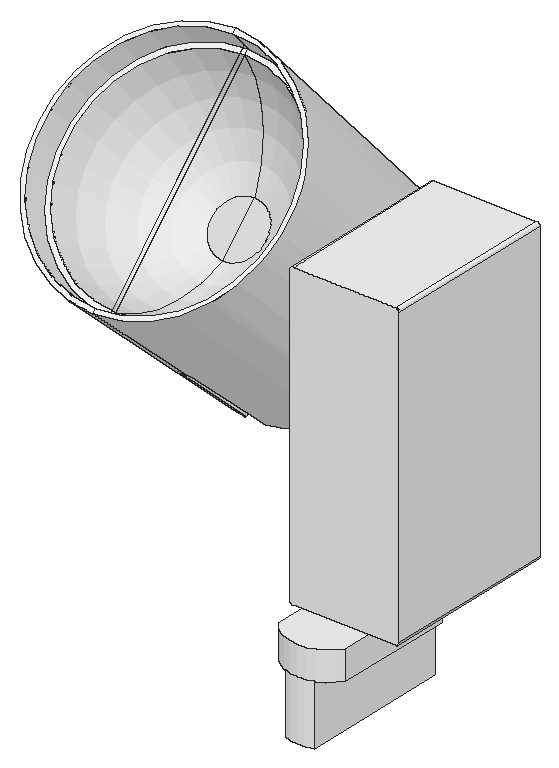
Revit family "0004927 Feilo Sylvania Lighting Fixture START TRACK SPOT L DALI 3306LM 930 MB WHT", category Lighting Fixtures, host Face, Revit 2017 (continued)
Definition of nested family "Start Track Spot Head"
  Types (96, lengths in mm): name | Wattage | built-in parameter 1150134 | Photometric Web File | Model | built-in parameter 1150105 | Lumens | built-in parameter 1150107 | built-in parameter 1150106 | HeadThickness_FEILO | HeadRibOffset_FEILO | HeadRibDepth_FEILO | HeadRibCutWidth_FEILO | HeadRibCutOffset_FEILO | HeadReflectorRadius_FEILO | HeadReflectorOffset_FEILO | HeadLEDRadius_FEILO | HeadHeight_FEILO | HeadDiffusorOffset_FEILO | HeadDiaOut_FEILO | HeadDiaIn_FEILO | HeadAxisFromTop_FEILO | Emit from Circle Diameter | built-in parameter 1150104 | Description | Apparent Load
    0004812 START TRACK SPOT S 14W 3K RA80 MB WHITE | 14 W | (empty or 0) | "0004812.ies" | "START TRACK SPOT S 14W 3K RA80 MB WHITE" | 120.32 (stored number, unit not read) | 1512 lm | 3000 (stored number, unit not read) | 1.2032 (stored number, unit not read) | 1.5 | 4.179 | 55.714 | 7.167 | 50.87 | 50.588 | 55.714 | 9.556 | 117 | 9.435 | 86 | 77.477 | 69.354 | 77.477 | 10.034 (stored number, unit not read) | "Integrated LED spotlight, Textured White - RAL9016, compact and minimalist design, ideal for retail applications, die-cast aluminium body, passive cooling heatsink. Beam angle: 36°, color temperature: 3000K , total system power: 14W, total fixture output: 1508 lm, LOR: 100%, colour rendering: Ra: 80 typical, LED Chromaticity: 3 step MacAdam ellipse, lifetime: >50000 hours at L70B50, energy class: A++, A+, A, IR/UV free light source without heat radiation, operating voltage: 220-240V / 50-60Hz, drive current: 350mA, electronic driver, non-dimmable, power factor: 0.92, electrical protection: Class II, Global Track 3 Phase adapter suitable for Global trac 3-circuit tracks, ingress protection rating: IP20, suitable for internal environment only, horizontal rotation: 355°, vertical tilt: 90°, dimensions: Ø86x140x200, weight: 0.940kg." | 14 VA
    0004811 START TRACK SPOT S 14W 3K RA80 NB WHITE | 14 W | (empty or 0) | "0004811.ies" | "START TRACK SPOT S 14W 3K RA80 NB WHITE" | 123.66 (stored number, unit not read) | 1554 lm | 3000 (stored number, unit not read) | 1.2366 (stored number, unit not read) | 1.5 | 4.179 | 55.714 | 7.167 | 50.87 | 50.588 | 55.714 | 9.556 | 117 | 9.435 | 86 | 77.477 | 69.354 | 77.477 | 10.312 (stored number, unit not read) | "Integrated LED spotlight, Textured White - RAL9016, compact and minimalist design, ideal for retail applications, die-cast aluminium body, passive cooling heatsink. Beam angle: 12°, color temperature: 3000K , total system power: 14W, total fixture output: 1551 lm, LOR: 100%, colour rendering: Ra: 80 typical, LED Chromaticity: 3 step MacAdam ellipse, lifetime: >50000 hours at L70B50, energy class: A++, A+, A, IR/UV free light source without heat radiation, operating voltage: 220-240V / 50-60Hz, drive current: 350mA, electronic driver, non-dimmable, power factor: 0.92, electrical protection: Class II, Global Track 3 Phase adapter suitable for Global trac 3-circuit tracks, ingress protection rating: IP20, suitable for internal environment only, horizontal rotation: 355°, vertical tilt: 90°, dimensions: Ø86x140x200, weight: 0.940kg." | 14 VA
  Reference planes
    plane 1 "Center (Front/Back)": y = 0
    plane 2: z = 0
    plane 3 "Center (Left/Right)": x = 0
    plane 4: x = 43
    plane 5: x = -43
    plane 6: x = -38.739
    plane 7: x = 38.739
    plane 8: z = 69.354
    plane 9: z = -47.646
    plane 10: x = -41.5
    plane 11: x = -37.239
    plane 12: z = -38.211
    plane 13: z = -35.211
    plane 14: z = 8.068
    plane 15: x = -9.556
    plane 16: x = -28.667
    plane 17: x = -19.111
    plane 18: x = -27.167
    plane 19: x = -17.611
    plane 20: x = -8.056
    plane 21: z = 13.64
    plane 22: x = -29.667
    plane 23: x = -26.167
    plane 24: x = -20.111
    plane 25: x = -16.611
    plane 26: x = -10.556
    plane 27: x = -7.056
    plane 28: x = -36.239
    plane 29: x = -40.5
    plane 30: z = 65.175
    plane 31: z = 60.997
    plane 32: z = 56.818
    plane 33: z = 18.484
    plane 34: y = -43
    plane 35: y = 43
    plane 36: y = 3.583
    plane 37: y = -3.583
    plane 38: y = -2.583
    plane 39: y = 2.583
    plane 40: y = 46
    plane 41: z = 13.5
    plane 42: z = -13.5
    plane 43: y = 39
    plane 44: x = 4.708
    plane 45: x = -2.458
    plane 46: x = -1.458
    plane 47: x = 1.458
  Forms (mm)
    Extrusion 1, solid
      sketch origin (4.2, 0, 0) x (1, 0, 0) y (0, 1, 0)
        loop
          line (-1219.2, 1219.2) -> (-1219.2, -1219.2) -> (1219.2, -1219.2) -> (1219.2, 1219.2) -> (-1219.2, 1219.2)
      from 0 to -68.017
    Revolve 2, solid, material <- "Material_1_FEILO", detail levels medium+fine
      sketch origin (0, 0, 0) x (1, 0, 0) y (0, 0, 1)
        loop
          line (-43, -47.646) -> (-41.5, -47.646) -> (-40.5, -35.211) -> (-38.739, -35.211)
          arc (-38.739, -35.211) -> (-30.16, -9.517) -> (-9.556, 8.068) r 50.588
          line (-9.556, 8.068) -> (0, 8.068) -> (0, 13.64) -> (-16.611, 13.64) -> (-17.611, 60.997) -> (-19.111, 60.997) -> (-20.111, 13.64) -> (-36.239, 13.64) -> (-37.239, 69.354) -> (-38.739, 69.354) -> (-43, -47.646)
        axis (0, 69.354) -> (0, -47.646)
      angle from 360 to 0
    Extrusion 3, void
      sketch origin (0, 0, 0) x (0, 1, 0) y (0, 0, 1)
        loop
          line (-3.583, 69.354) -> (-2.583, 18.484) -> (1.932, 18.484) -> (2.932, 69.354) -> (-3.583, 69.354)
      from 43 to -43
    Revolve 4, solid, material <- "Material_2_FEILO", detail levels medium+fine
      sketch origin (0, 0, 0) x (1, 0, 0) y (0, 0, 1)
        loop
          line (-41.5, -38.211) -> (0, -38.211) -> (0, -35.211) -> (-41.5, -35.211) -> (-41.5, -38.211)
        axis (0, -35.211) -> (0, -38.211)
      angle from 360 to 0
    Revolve 5, solid, material <- "Material_1_FEILO"
      sketch origin (0, 0, 0) x (0, 1, 0) y (0, 0, 1)
        loop
          line (46, 0) -> (39, 0) -> (39, -13.5) -> (46, -13.5) -> (46, 0)
        axis (39, 0) -> (46, 0)
      angle from 360 to 0
    Revolve 6, solid, material <- "Material_1_FEILO", detail levels medium+fine
      sketch origin (0, 0, 0) x (1, 0, 0) y (0, 0, 1)
        loop
          line (-29.667, 13.64) -> (-26.167, 13.64) -> (-27.167, 65.175) -> (-28.667, 65.175) -> (-29.667, 13.64)
        loop
          line (-10.556, 13.64) -> (-7.056, 13.64) -> (-7.833, 56.818) -> (-9.778, 56.818) -> (-10.556, 13.64)
        axis (0, 65.175) -> (0, 13.64)
      angle from 360 to 0
    Extrusion 7, void
      sketch origin (0, 0, 0) x (1, 0, 0) y (0, 0, 1)
        loop
          line (4.708, 69.354) -> (-2.458, 69.354) -> (-1.458, 13.64) -> (1.458, 13.64) -> (4.708, 69.354)
      from -43 to 43
    Revolve 8, solid, material <- "Material_1_FEILO", detail levels coarse
      sketch origin (0, 0, 0) x (1, 0, 0) y (0, 0, 1)
        loop
          line (0, 69.354) -> (-38.739, 69.354) -> (-43, -47.646) -> (-41.5, -47.646) -> (-40.731, -38.211) -> (0, -38.211) -> (0, 69.354)
        axis (0, 69.354) -> (0, -47.646)
      angle from 360 to 0
  Cuts and joins
    Extrusion 3 cuts Revolve 2
    Extrusion 7 cuts Revolve 6
  Dimensions and locks
    equal spacing: plane 7, plane 3 "Center (Left/Right)", plane 6
    equal spacing: plane 4, plane 3 "Center (Left/Right)", plane 5
    "HeadDiaOut_FEILO": plane 4 to plane 5
    "HeadDiaIn_FEILO": plane 7 to plane 6
    "HeadHeight_FEILO": plane 8 to plane 9
    "HeadThickness_FEILO": plane 10 to plane 5
    "HeadThickness_FEILO": plane 11 to plane 6
    "HeadDiffusorOffset_FEILO": plane 12 to plane 9
    "HeadDiffusorThickness_FEILO": plane 13 to plane 12
    "HeadReflectorOffset_FEILO": plane 14 to plane 9
    "HeadLEDRadius_FEILO": plane 3 "Center (Left/Right)" to plane 15
    "HeadLEDRadius_FEILO": plane 15 to plane 17
    "HeadLEDRadius_FEILO": plane 17 to plane 16
    "HeadThickness_FEILO": plane 18 to plane 16
    "HeadThickness_FEILO": plane 19 to plane 17
    "HeadThickness_FEILO": plane 20 to plane 15
    "HeadRibDepth_FEILO": plane 8 to plane 21
    "HeadDraft_FEILO": plane 16 to plane 22
    "HeadDraft_FEILO": plane 23 to plane 18
    "HeadDraft_FEILO": plane 17 to plane 24
    "HeadDraft_FEILO": plane 25 to plane 19
    "HeadDraft_FEILO": plane 15 to plane 26
    "HeadDraft_FEILO": plane 27 to plane 20
    "HeadDraft_FEILO": plane 29 to plane 10
    "HeadDraft_FEILO": plane 28 to plane 11
    "HeadRibOffset_FEILO": plane 8 to plane 30
    "HeadRibOffset_FEILO": plane 30 to plane 31
    "HeadRibOffset_FEILO": plane 31 to plane 32
    "HeadAxisFromTop_FEILO": plane 8 to plane 2
    "HeadRibCutOffset_FEILO": plane 8 to plane 33
    equal spacing: plane 34, plane 1 "Center (Front/Back)", plane 35
    "HeadDiaOut_FEILO": plane 34 to plane 35
    equal spacing: plane 38, plane 1 "Center (Front/Back)", plane 39
    equal spacing: plane 37, plane 1 "Center (Front/Back)", plane 36
    "HeadRibCutWidth_FEILO": plane 37 to plane 36
    "HeadDraft_FEILO": plane 37 to plane 38
    locked: plane 35 to plane 40 at 3
    equal spacing: plane 41, plane 2, plane 42
    locked: plane 42 to plane 41 at 27
    locked: plane 43 to plane 35 at 4
    equal spacing: plane 45, imposter light, plane 44
    "HeadDraft_FEILO": plane 46 to plane 45
    "HeadRibCutWidth_FEILO": plane 44 to plane 45
    equal spacing: plane 47, plane 3 "Center (Left/Right)", plane 46
    "HeadReflectorRadius_FEILO": radius of Revolve 2 sketch curve
    aligned and locked: plane 2 to Extrusion 1
    aligned and locked: level to Extrusion 1
    aligned and locked: Revolve 2 sketch curve to plane 3 "Center (Left/Right)"  (x2)
    aligned and locked: plane 9 to Revolve 2 sketch curve  (x2)
    aligned and locked: plane 5 to Revolve 2 sketch curve
    aligned and locked: plane 10 to Revolve 2 sketch curve
    aligned and locked: plane 14 to Revolve 2 sketch curve
    aligned and locked: plane 8 to Revolve 2 sketch curve
    aligned and locked: Revolve 2 sketch curve to plane 13
    aligned and locked: plane 12 to Revolve 4 sketch curve
    aligned and locked: plane 3 "Center (Left/Right)" to Revolve 4 sketch curve
    aligned and locked: Revolve 4 sketch curve to plane 10
    aligned and locked: Revolve 4 sketch curve to plane 3 "Center (Left/Right)"
    aligned and locked: plane 12 to imposter light
    aligned and locked: imposter light to plane 1 "Center (Front/Back)"
    aligned and locked: Revolve 5 sketch curve to plane 2
    aligned and locked: plane 43 to Revolve 5 sketch curve
    aligned and locked: plane 42 to Revolve 5 sketch curve
    aligned and locked: Revolve 6 sketch curve to plane 3 "Center (Left/Right)"
    aligned and locked: plane 22 to Revolve 6 sketch curve
    aligned and locked: plane 30 to Revolve 6 sketch curve
    aligned and locked: plane 23 to Revolve 6 sketch curve
    aligned and locked: Revolve 6 sketch curve to plane 21  (x2)
    aligned and locked: plane 21 to Revolve 6 sketch curve
    aligned and locked: plane 17 to Revolve 2 sketch curve
    aligned and locked: plane 19 to Revolve 2 sketch curve
    aligned and locked: plane 31 to Revolve 2 sketch curve
    aligned and locked: plane 21 to Revolve 2 sketch curve
    aligned and locked: Extrusion 3 to plane 8
    aligned and locked: plane 33 to Extrusion 3
    aligned and locked: plane 8 to Extrusion 3 sketch curve
    aligned and locked: Extrusion 3 sketch curve to plane 33
    aligned and locked: Extrusion 3 to plane 5
    aligned and locked: plane 4 to Extrusion 3
    aligned and locked: plane 32 to Revolve 6 sketch curve
    aligned and locked: plane 44 to Extrusion 7 sketch curve
    aligned and locked: Extrusion 7 sketch curve to plane 8
    aligned and locked: plane 46 to Extrusion 7 sketch curve
    aligned and locked: plane 21 to Extrusion 7 sketch curve
    aligned and locked: plane 34 to Extrusion 7
    aligned and locked: Extrusion 7 to plane 35
    aligned and locked: Revolve 4 sketch curve to plane 13
    aligned and locked: Revolve 5 sketch curve to plane 40
    aligned and locked: Revolve 8 sketch curve to plane 3 "Center (Left/Right)"
    aligned and locked: Revolve 8 sketch curve to cut or joined group of Revolve 2, Extrusion 3  (x3)
    aligned and locked: plane 5 to Revolve 8 sketch curve
    aligned and locked: plane 3 "Center (Left/Right)" to Revolve 8 sketch curve
    aligned and locked: plane 12 to Revolve 8 sketch curve
  Automatic sketch dimensions
    Extrusion 1 sketch curve to Extrusion 1 sketch curve = 2438.4 mm  (x2)
    Extrusion 3 sketch curve to plane 37 = 0 mm
    Extrusion 3 sketch curve to plane 38 = 0 mm
    plane 39 to Extrusion 3 sketch curve = 0.651 mm
    Extrusion 3 sketch curve to plane 39 = 0.349 mm
    Revolve 6 sketch curve to plane 16 = 0 mm
    Revolve 6 sketch curve to plane 18 = 0 mm
    Revolve 6 sketch curve to plane 26 = 0 mm
    Revolve 6 sketch curve to plane 27 = 0 mm
    Revolve 6 sketch curve to plane 15 = 0.222 mm
    plane 9 to Revolve 6 sketch curve = 559.103 mm
    Revolve 6 sketch curve to plane 8 = 2535.555 mm
    plane 20 to Revolve 6 sketch curve = 0.222 mm
    Revolve 2 sketch curve to plane 29 = 0 mm
    Revolve 2 sketch curve to plane 6 = 0 mm  (x2)
    Revolve 2 sketch curve to plane 11 = 0 mm
    Revolve 2 sketch curve to plane 21 = 0 mm
    Revolve 2 sketch curve to plane 28 = 0 mm
    Revolve 2 sketch curve to plane 24 = 0 mm
    Revolve 2 sketch curve to plane 25 = 0 mm
    Revolve 2 sketch curve to plane 15 = 0 mm
    Revolve 2 sketch curve to Revolve 2 sketch curve = 557.155 mm
    Revolve 2 sketch curve to plane 8 = 2535.558 mm
    Extrusion 7 sketch curve to plane 45 = 0 mm
    Extrusion 7 sketch curve to plane 47 = 0 mm
    plane 9 to Revolve 4 sketch curve = 559.103 mm
    Revolve 4 sketch curve to plane 8 = 2535.555 mm
    Revolve 5 sketch curve to level = 0 mm
    plane 34 to Revolve 5 sketch curve = 1968.092 mm
    Revolve 5 sketch curve to plane 40 = 1405.763 mm
    Revolve 8 sketch curve to plane 6 = 0 mm
    Revolve 8 sketch curve to plane 29 = 0.231 mm
    plane 9 to Revolve 8 sketch curve = 559.103 mm
    Revolve 8 sketch curve to Revolve 8 sketch curve = 2535.555 mm
Definition of nested family "Start Track Spot Box"
  Parameters (values of type "Type Large White")
    URL = "http://www.feilosylvania.com"
    Type Image = (empty or 0)
    Type Comments = "n/a"
    Small_FEILO = no
    Material_3_FEILO = none
    Model = ""
    Manufacturer = "Feilo Sylvania"
    Keynote = ""
    Material_2_FEILO = none
    Description = ""
    Default Elevation = 1219.2 mm
    Cost = 0
    Material_1_FEILO = none
    BoxWidth_FEILO = 49 mm
    BoxStartAngle_FEILO [instance] = 0.00°
    BoxRadius_FEILO = 1.5 mm
    BoxHeight_FEILO = if(Small_FEILO, 112 mm, 136 mm)  # 136 mm
    BoxEndAngle_FEILO [instance] = BoxStartAngle_FEILO - 180.00°  # -180.00°
    BoxDepth_FEILO = if(Small_FEILO, 71.5 mm, 79 mm)  # 79 mm
    BoxAxisVerticalOffset_FEILO = 16 mm
    BoxAxisOffset_FEILO = BoxHeight_FEILO / 6.8  # 20 mm
    Assembly Code = ""
    Material_4_FEILO = none
  Types (4, lengths in mm): name | Small_FEILO | BoxHeight_FEILO | BoxDepth_FEILO | BoxAxisOffset_FEILO
    Type Large White | no | 136 | 79 | 20
    Type Small White | yes | 112 | 71.5 | 16.471
    Type Small Black | yes | 112 | 71.5 | 16.471
    Type Large Black | no | 136 | 79 | 20
  Reference planes
    plane 1 "Center (Front/Back)": y = 0
    plane 2: z = 0
    plane 3 "Center (Left/Right)": x = 0
    plane 4: x = 24.5
    plane 5: x = -24.5
    plane 6: y = 68
    plane 7: y = -68
    plane 8: z = 39.5
    plane 9: z = -39.5
    plane 10: y = -48
    plane 11: x = 30.5
    plane 12: x = 8.5
    plane 13: x = 21.5
    plane 14: y = 70
    plane 15: y = 72
    plane 16: x = 19.5
  Forms (mm)
    Extrusion 1, solid
      sketch origin (4.2, 0, 0) x (1, 0, 0) y (0, 1, 0)
        loop
          line (-1219.2, 1219.2) -> (-1219.2, -1219.2) -> (1219.2, -1219.2) -> (1219.2, 1219.2) -> (-1219.2, 1219.2)
      from 0 to -68.017
    Extrusion 2, solid, material <- "Material_1_FEILO"
      sketch origin (0, 0, 0) x (1, 0, 0) y (0, 1, 0)
        loop
          arc (-23, 68) -> (-24.061, 67.561) -> (-24.5, 66.5) r 1.5
          line (-24.5, 66.5) -> (-24.5, -66.5)
          arc (-24.5, -66.5) -> (-24.061, -67.561) -> (-23, -68) r 1.5
          line (-23, -68) -> (23, -68)
          arc (23, -68) -> (24.061, -67.561) -> (24.5, -66.5) r 1.5
          line (24.5, -66.5) -> (24.5, 66.5)
          arc (24.5, 66.5) -> (24.061, 67.561) -> (23, 68) r 1.5
          line (23, 68) -> (-23, 68)
      from -39.5 to 39.5
    Revolve 3, solid, not visible
      sketch origin (0, 0, 0) x (1, 0, 0) y (0, 1, 0)
        loop
          line (30.5, -48) -> (24.5, -48) -> (24.5, -68) -> (30.5, -68) -> (30.5, -48)
        axis (30.5, -48) -> (24.5, -48)
      angle from 0 <- "BoxStartAngle_FEILO" to -180 <- "BoxEndAngle_FEILO"
    Revolve 4, solid, material <- "Material_2_FEILO"
      sketch origin (0, 0, 0) x (1, 0, 0) y (0, 1, 0)
        loop
          line (8.5, 68) -> (19.5, 68) -> (19.5, 70) -> (21.5, 70) -> (21.5, 72) -> (8.5, 72) -> (8.5, 68)
        axis (8.5, 72) -> (8.5, 68)
      angle from 360 to 0
  Dimensions and locks
    equal spacing: plane 5, plane 3 "Center (Left/Right)", plane 4
    "BoxWidth_FEILO": plane 5 to plane 4
    equal spacing: plane 7, plane 1 "Center (Front/Back)", plane 6
    "BoxHeight_FEILO": plane 7 to plane 6
    equal spacing: plane 8, plane 2, plane 9
    "BoxDepth_FEILO": plane 8 to plane 9
    "BoxAxisOffset_FEILO": plane 7 to plane 10
    locked: plane 4 to plane 11 at 6
    "BoxAxisVerticalOffset_FEILO": plane 12 to plane 4
    locked: plane 12 to plane 13 at 13
    plane 6 to plane 14 to plane 15 = 2 mm locked, 2 mm locked
    locked: plane 12 to plane 16 at 11
    "BoxRadius_FEILO": radius of Extrusion 2 sketch curve  (x4)
    aligned and locked: plane 2 to Extrusion 1
    aligned and locked: level to Extrusion 1
    aligned and locked: plane 6 to Extrusion 2 sketch curve
    aligned and locked: plane 5 to Extrusion 2 sketch curve
    aligned and locked: Extrusion 2 sketch curve to plane 7
    aligned and locked: Extrusion 2 sketch curve to plane 4
    aligned and locked: Extrusion 2 to plane 8
    aligned and locked: plane 9 to Extrusion 2
    aligned and locked: Revolve 3 sketch curve to plane 10  (x2)
    aligned and locked: plane 11 to Revolve 3 sketch curve
    aligned and locked: Revolve 3 sketch curve to plane 4
    aligned and locked: plane 7 to Revolve 3 sketch curve
    aligned and locked: Revolve 4 sketch curve to plane 12
    aligned and locked: plane 6 to Revolve 4 sketch curve
    aligned and locked: plane 12 to Revolve 4 sketch curve
    aligned and locked: plane 15 to Revolve 4 sketch curve
    aligned and locked: Revolve 4 sketch curve to plane 13
    aligned and locked: Revolve 4 sketch curve to plane 14
    aligned and locked: Revolve 4 sketch curve to plane 16
    aligned and locked: Revolve 4 sketch curve to plane 6
  Automatic sketch dimensions
    Extrusion 1 sketch curve to Extrusion 1 sketch curve = 2438.4 mm  (x2)
    Revolve 3 sketch curve to plane 5 = 1499.5 mm
    plane 11 to Revolve 3 sketch curve = 1493.5 mm
    plane 15 to Revolve 4 sketch curve = 0 mm
    plane 7 to Revolve 4 sketch curve = 1456 mm
    Revolve 4 sketch curve to plane 15 = 1452 mm
